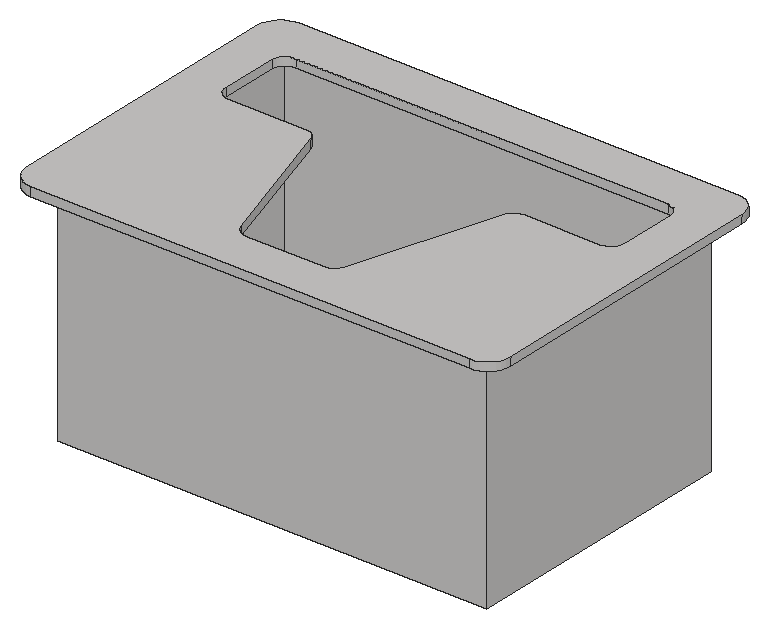
Revit family "QF_Vollrath_FMS-6", category Specialty Equipment, Revit 2016
Family settings
  Part Type = Normal
  Round Connector Dimension = Use Diameter
  OmniClass Number = 23.40.40.14.24
  OmniClass Title = Food Dispensing Equipment
  Work Plane-Based = Yes
  Always vertical = No
  Cut with Voids When Loaded = Yes
  Shared = No
  Room Calculation Point = No
Parameters
  Width = 10.56"
  Weight in Pounds = 0
  Watermarked By = ""
  URL Cutsheet = ""
  URL = "www.vollrath.com"
  Specification by User [instance] = ""
  Specification by Manufacturer [instance] = ""
  Serial Number [instance] = ""
  Revision Code [instance] = ""
  NAFEM Spec ID Number [instance] = ""
  Model = "FMS-6"
  Material = QF_Stainless-Polished
  Masterspec [instance] = ""
  Manufacturer = "Vollrath"
  Item Number [instance] = "-"
  Installed By [instance] = ""
  Height = 7.50"
  Furnished By [instance] = ""
  Foodservice Equipment Identifier = yes
  Description = "Straw Dispenser"
  Depth = 7.31"
  Default Elevation = 48.00"
  CSI MasterFormat = ""
Reference planes (in)
  plane 1 "BACK": y = 0
  plane 2 "BOTTOM": z = 0
  plane 3 "LEFT": x = -16.56573
  plane 4 "RIGHT": x = -6.00573
  plane 5 "CENTER L/R": x = -11.28573
  plane 6 "FRONT": y = -7.31
  plane 7: y = -3.655
  plane 8 "Inner Left": x = -15.78573
  plane 9 "Inner Right": x = -6.78573
  plane 10 "TOP": z = 0.18
  plane 11 "Bottom of Holders": z = -5
  plane 12: z = -3
  plane 13: y = -0.78
  plane 14: y = -6.53
Forms (in)
  Extrusion 1, void
    sketch origin (0, 0, -5) x (0, 1, 0) y (-1, 0, 0)
      loop
        arc (0, 16.06573) -> (-0.14645, 16.41928) -> (-0.5, 16.56573) r 0.5
        line (-0.5, 16.56573) -> (-6.81, 16.56573)
        arc (-6.81, 16.56573) -> (-7.16355, 16.41928) -> (-7.31, 16.06573) r 0.5
        line (-7.31, 16.06573) -> (-7.31, 6.50573)
        arc (-7.31, 6.50573) -> (-7.16355, 6.15217) -> (-6.81, 6.00573) r 0.5
        line (-6.81, 6.00573) -> (-0.5, 6.00573)
        arc (-0.5, 6.00573) -> (-0.14645, 6.15217) -> (0, 6.50573) r 0.5
        line (0, 6.50573) -> (0, 16.06573)
    from 0 to 5.18
  Extrusion 2, solid, material "QF_Stainless-Polished" <- "Material"
    sketch origin (0, 0, 0) x (1, 0, 0) y (0, 1, 0)
      loop
        arc (-16.06573, 0) -> (-16.41928, -0.14645) -> (-16.56573, -0.5) r 0.5
        line (-16.56573, -0.5) -> (-16.56573, -6.81)
        arc (-16.56573, -6.81) -> (-16.41928, -7.16355) -> (-16.06573, -7.31) r 0.5
        line (-16.06573, -7.31) -> (-6.50573, -7.31)
        arc (-6.50573, -7.31) -> (-6.15217, -7.16355) -> (-6.00573, -6.81) r 0.5
        line (-6.00573, -6.81) -> (-6.00573, -0.5)
        arc (-6.00573, -0.5) -> (-6.15217, -0.14645) -> (-6.50573, 0) r 0.5
        line (-6.50573, 0) -> (-16.06573, 0)
      loop
        arc (-15.34573, -1) -> (-15.55079, -1.08494) -> (-15.63573, -1.29) r 0.29
        line (-15.63573, -1.29) -> (-15.63573, -2.54)
        arc (-15.63573, -2.54) -> (-15.55079, -2.74506) -> (-15.34573, -2.83) r 0.29
        line (-15.34573, -2.83) -> (-13.66976, -2.83)
        arc (-13.66976, -2.83) -> (-13.49823, -2.88617) -> (-13.39315, -3.03291) r 0.29
        line (-13.39315, -3.03291) -> (-12.40946, -6.15709)
        arc (-12.40946, -6.15709) -> (-12.30437, -6.30383) -> (-12.13284, -6.36) r 0.29
        line (-12.13284, -6.36) -> (-10.43861, -6.36)
        arc (-10.43861, -6.36) -> (-10.26708, -6.30383) -> (-10.16199, -6.15709) r 0.29
        line (-10.16199, -6.15709) -> (-9.1783, -3.03291)
        arc (-9.1783, -3.03291) -> (-9.07322, -2.88617) -> (-8.90169, -2.83) r 0.29
        line (-8.90169, -2.83) -> (-7.22573, -2.83)
        arc (-7.22573, -2.83) -> (-7.02066, -2.74506) -> (-6.93573, -2.54) r 0.29
        line (-6.93573, -2.54) -> (-6.93573, -1.29)
        arc (-6.93573, -1.29) -> (-7.02066, -1.08494) -> (-7.22573, -1) r 0.29
        line (-7.22573, -1) -> (-15.34573, -1)
    from 0 to 0.18
  Extrusion 3, solid, material "QF_Stainless-Polished" <- "Material"
    sketch origin (0, 0, -5) x (0, 1, 0) y (-1, 0, 0)
      loop
        line (-0.78, 15.78573) -> (-6.53, 15.78573) -> (-6.53, 6.78573) -> (-0.78, 6.78573) -> (-0.78, 15.78573)
      loop
        line (-6.71, 15.96573) -> (-6.71, 6.60573) -> (-0.6, 6.60573) -> (-0.6, 15.96573) -> (-6.71, 15.96573)
    from 0 to 5
  Extrusion 4, solid, material "QF_Stainless-Polished" <- "Material"
    sketch origin (0, 0, -5) x (0, 1, 0) y (-1, 0, 0)
      loop
        line (-0.78, 15.78573) -> (-6.53, 15.78573) -> (-6.53, 6.78573) -> (-0.78, 6.78573) -> (-0.78, 15.78573)
    from 0 to 0.18
Cuts and joins
  joined: Extrusion 3, Extrusion 4
Lines and regions (in)
  symbolic lines
    curve 1: line (-16.06573, 0, 0) -> (-6.50573, 0, 0)
    curve 2: line (-16.56573, -6.81, 0) -> (-16.56573, -0.5, 0)
    curve 3: line (-6.50573, -7.31, 0) -> (-16.06573, -7.31, 0)
    curve 4: line (-6.00573, -0.5, 0) -> (-6.00573, -6.81, 0)
    curve 5: arc (-6.50573, -7.31, 0) -> (-6.15217, -7.16355, 0) -> (-6.00573, -6.81, 0) r 0.5
    curve 6: arc (-6.00573, -0.5, 0) -> (-6.15217, -0.14645, 0) -> (-6.50573, 0, 0) r 0.5
    curve 7: arc (-16.06573, 0, 0) -> (-16.41928, -0.14645, 0) -> (-16.56573, -0.5, 0) r 0.5
    curve 8: arc (-16.56573, -6.81, 0) -> (-16.41928, -7.16355, 0) -> (-16.06573, -7.31, 0) r 0.5
    curve 9: line (-15.34573, -1, 0) -> (-7.22573, -1, 0)
    curve 10: arc (-15.63573, -1.29, 0) -> (-15.55079, -1.08494, 0) -> (-15.34573, -1, 0) r 0.29
    curve 11: line (-15.63573, -2.54, 0) -> (-15.63573, -1.29, 0)
    curve 12: arc (-15.34573, -2.83, 0) -> (-15.55079, -2.74506, 0) -> (-15.63573, -2.54, 0) r 0.29
    curve 13: line (-10.43861, -6.36, 0) -> (-12.13284, -6.36, 0)
    curve 14: arc (-6.93573, -2.54, 0) -> (-7.02066, -2.74506, 0) -> (-7.22573, -2.83, 0) r 0.29
    curve 15: line (-6.93573, -1.29, 0) -> (-6.93573, -2.54, 0)
    curve 16: arc (-7.22573, -1, 0) -> (-7.02066, -1.08494, 0) -> (-6.93573, -1.29, 0) r 0.29
    curve 17: line (-13.66976, -2.83, 0) -> (-15.34573, -2.83, 0)
    curve 18: arc (-13.39315, -3.03291, 0) -> (-13.49823, -2.88617, 0) -> (-13.66976, -2.83, 0) r 0.29
    curve 19: line (-12.40946, -6.15709, 0) -> (-13.39315, -3.03291, 0)
    curve 20: arc (-12.13284, -6.36, 0) -> (-12.30437, -6.30383, 0) -> (-12.40946, -6.15709, 0) r 0.29
    curve 21: arc (-10.16199, -6.15709, 0) -> (-10.26708, -6.30383, 0) -> (-10.43861, -6.36, 0) r 0.29
    curve 22: line (-9.1783, -3.03291, 0) -> (-10.16199, -6.15709, 0)
    curve 23: arc (-8.90169, -2.83, 0) -> (-9.07322, -2.88617, 0) -> (-9.1783, -3.03291, 0) r 0.29
    curve 24: line (-7.22573, -2.83, 0) -> (-8.90169, -2.83, 0)
Dimensions and locks (in)
  "Width": plane 3 "LEFT" to plane 4 "RIGHT"
  equal spacing: plane 3 "LEFT", plane 5 "CENTER L/R", plane 4 "RIGHT"
  "Depth": plane 1 "BACK" to plane 6 "FRONT"
  locked: plane 3 "LEFT" to plane 8 "Inner Left" at 0.78
  locked: plane 9 "Inner Right" to plane 4 "RIGHT" at 0.78
  locked: plane 10 "TOP" to level at 0.18
  level to plane 11 "Bottom of Holders" = 5.00"
  equal spacing: plane 1 "BACK", plane 7, plane 6 "FRONT"
  level to plane 12 = 3.00"
  locked: plane 13 to plane 1 "BACK" at 0.78
  locked: plane 14 to plane 6 "FRONT" at 0.78
  aligned and locked: level to plane 2 "BOTTOM"
  aligned and locked: Extrusion 1 sketch curve to plane 4 "RIGHT"
  aligned and locked: plane 1 "BACK" to Extrusion 2 sketch curve
  aligned and locked: plane 3 "LEFT" to Extrusion 2 sketch curve
  aligned and locked: plane 6 "FRONT" to Extrusion 2 sketch curve
  aligned and locked: Extrusion 2 sketch curve to plane 4 "RIGHT"
  aligned and locked: plane 10 "TOP" to Extrusion 2
  aligned and locked: curve 4 to plane 4 "RIGHT"
  aligned and locked: plane 10 "TOP" to Extrusion 1
  aligned and locked: plane 13 to Extrusion 3 sketch curve
  aligned and locked: plane 8 "Inner Left" to Extrusion 3 sketch curve
  aligned and locked: plane 14 to Extrusion 3 sketch curve
  aligned and locked: level to Extrusion 3
  aligned and locked: Extrusion 4 sketch curve to Extrusion 3  (x2)
  aligned and locked: plane 14 to Extrusion 4 sketch curve
  aligned and locked: Extrusion 4 sketch curve to plane 9 "Inner Right"
Automatic sketch dimensions
  curve 2 to plane 3 "LEFT" = 0.00"
  curve 3 to plane 6 "FRONT" = 0.00"
  plane 1 "BACK" to curve 7 = 0.00"
  curve 7 to plane 8 "Inner Left" = 0.28"
  curve 8 to plane 8 "Inner Left" = 0.28"
  plane 9 "Inner Right" to curve 5 = 0.28"
  plane 9 "Inner Right" to curve 6 = 0.28"
  Extrusion 1 sketch curve to plane 6 "FRONT" = 0.00"
  Extrusion 1 sketch curve to plane 3 "LEFT" = 0.00"
  plane 1 "BACK" to Extrusion 1 sketch curve = 0.00"
  Extrusion 1 sketch curve to plane 14 = 0.28"  (x2)
  Extrusion 1 sketch curve to plane 8 "Inner Left" = 0.28"
  plane 9 "Inner Right" to Extrusion 1 sketch curve = 0.28"
  plane 8 "Inner Left" to curve 10 = 0.44"
  plane 13 to curve 10 = 0.51"
  plane 13 to curve 9 = 0.22"
  plane 7 to curve 11 = 1.115"
  curve 11 to curve 12 = 0.29"
  plane 5 "CENTER L/R" to curve 13 = 0.84712"
  curve 15 to curve 9 = 0.29"
  plane 14 to curve 13 = 0.17"
  Extrusion 2 sketch curve to plane 8 "Inner Left" = 0.28"  (x2)
  plane 8 "Inner Left" to Extrusion 2 sketch curve = 0.15"
  Extrusion 2 sketch curve to Extrusion 2 sketch curve = 0.29"  (x3)
  plane 7 to Extrusion 2 sketch curve = 0.535"
  Extrusion 2 sketch curve to Extrusion 2 sketch curve = 1.67596"
  plane 7 to Extrusion 2 sketch curve = 0.62209"  (x2)
  Extrusion 2 sketch curve to Extrusion 2 sketch curve = 0.27661"  (x4)
  Extrusion 2 sketch curve to plane 5 "CENTER L/R" = 0.84712"
  plane 5 "CENTER L/R" to Extrusion 2 sketch curve = 0.84712"
  plane 14 to Extrusion 2 sketch curve = 0.37291"
  plane 5 "CENTER L/R" to Extrusion 2 sketch curve = 2.10742"
  Extrusion 2 sketch curve to plane 9 "Inner Right" = 0.44"  (x2)
  plane 13 to Extrusion 2 sketch curve = 0.22"
  Extrusion 2 sketch curve to plane 9 "Inner Right" = 0.15"
  plane 9 "Inner Right" to Extrusion 2 sketch curve = 0.28"  (x2)
  plane 14 to Extrusion 2 sketch curve = 0.17"
  Extrusion 2 sketch curve to Extrusion 2 sketch curve = 0.08709"
  curve 13 to plane 5 "CENTER L/R" = 0.84712"
  curve 14 to plane 9 "Inner Right" = 0.44"
  curve 16 to plane 9 "Inner Right" = 0.44"
  curve 12 to curve 17 = 1.67596"
  curve 18 to curve 17 = 0.29"
  curve 18 to curve 18 = 0.27661"
  plane 14 to curve 19 = 0.37291"
  curve 19 to curve 13 = 0.27661"
  curve 21 to curve 21 = 0.29"
  curve 21 to curve 21 = 0.27661"
  plane 7 to curve 22 = 0.62209"
  curve 22 to curve 14 = 1.95258"
  curve 22 to curve 23 = 0.27661"
  curve 23 to curve 22 = 0.08709"
  Extrusion 3 sketch curve to plane 9 "Inner Right" = 0.00"
  Extrusion 3 sketch curve to plane 14 = 0.18"
  Extrusion 3 sketch curve to plane 13 = 0.18"
  Extrusion 3 sketch curve to plane 8 "Inner Left" = 0.18"
  plane 9 "Inner Right" to Extrusion 3 sketch curve = 0.18"
